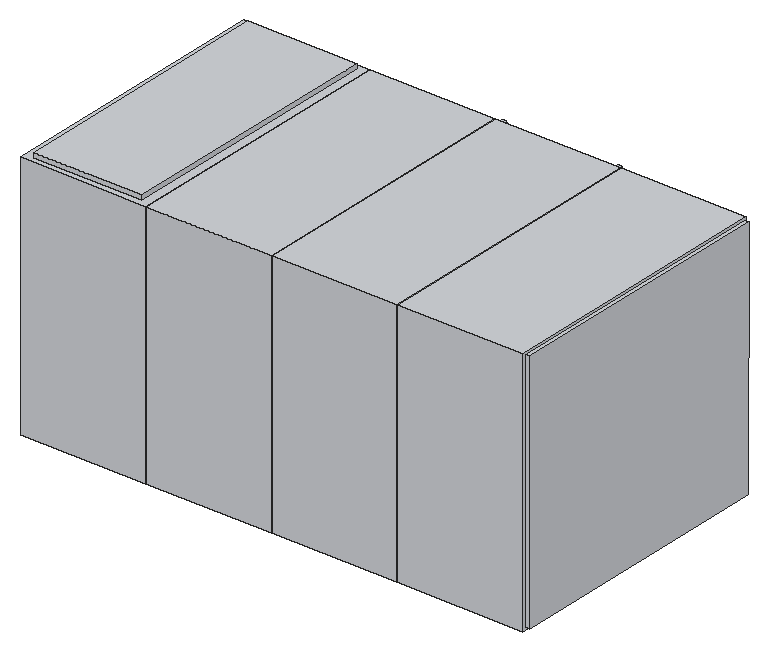
Revit family "M_Outdoor AHU - Horizontal", category Mechanical Equipment, Revit 2023
Family settings
  Round Connector Dimension = Use Radius
  Part Type = Normal
  Work Plane-Based = No
  Always vertical = Yes
  Cut with Voids When Loaded = No
  Maintain Annotation Orientation = No
  Shared = No
  Room Calculation Point = No
Parameters (values of type "5.7 Square Meters of Coil")
  Voltage = 208 V
  Hot Water Pressure Drop [instance] = 74649.5 Pa
  External Total Pressure [instance] = 719.15 Pa
  Supply Air Outlet Width = 2900 mm
  Supply Air Outlet Height = 2600 mm
  Supply Air Outlet Flow [instance] = 14394.4 L/s
  Supply Air Inlet Width = 2850 mm
  Supply Air Inlet Height = 1150 mm
  Supply Air Inlet Flow [instance] = 9438.95 L/s
  Return Air Inlet Width = 2850 mm
  Return Air Inlet Height = 1150 mm
  Return Air Inlet Flow [instance] = 4955.45 L/s
  Number of Poles = 3
  Hot Water Flow [instance] = 11.29 L/s
  Heating Coil Outlet Radius = 32 mm
  Heating Coil Inlet Radius = 32 mm
  Drain Radius = 15 mm
  Default Elevation = 0 mm
  Cooling Coil Outlet Radius = 32.5 mm
  Cooling Coil Inlet Radius = 32.5 mm
  Chilled Water Pressure Drop [instance] = 57233.4 Pa
  Chilled Water Flow [instance] = 17.98 L/s
  Apparent Load = 47007 VA
  Airway Length = 5334 mm
  AHU Width = 2971.8 mm
  AHU Material = none
  AHU Height = 2641.6 mm
Reference planes
  plane 1 "Center (Front/Back)": y = 0
  plane 2: z = 0
  plane 3 "Center (Left/Right)": x = 0
  plane 4: y = 1485.9
  plane 5: y = -1485.9
  plane 6: x = 5334
  plane 7: x = 1333.5
  plane 8: x = 2667
  plane 9: x = 4000.5
  plane 10: z = 2641.6
  plane 11: x = 666.75
  plane 12: x = 91.75
  plane 13: x = 1241.75
  plane 14: y = 1425
  plane 15: y = -1425
  plane 16: z = 2692.4
  plane 17: z = 25.4
  plane 18: z = 1175.4
  plane 19: x = -50.8
  plane 20: z = 2625.4
  plane 21: y = 1450
  plane 22: y = -1450
  plane 23: x = 5384.8
  plane 24: z = 2590.8
  plane 25: z = 254
  plane 26: x = 3949.7
  plane 27: x = 2717.8
  plane 28: x = 5283.2
  plane 29: y = 1536.7
  plane 30: z = 50.8
Forms (mm)
  Extrusion 1, solid, material <- "AHU Material"
    sketch origin (0, 0, 0) x (1, 0, 0) y (0, 1, 0)
      loop
        line (0, 1485.9) -> (0, -1485.9) -> (1333.5, -1485.9) -> (1333.5, 1485.9) -> (0, 1485.9)
    from 0 to 2641.6
  Extrusion 2, solid, material <- "AHU Material"
    sketch origin (0, 0, 0) x (1, 0, 0) y (0, 1, 0)
      loop
        line (1333.5, 1485.9) -> (1333.5, -1485.9) -> (2667, -1485.9) -> (2667, 1485.9) -> (1333.5, 1485.9)
    from 0 to 2641.6
  Extrusion 3, solid, material <- "AHU Material"
    sketch origin (0, 0, 0) x (1, 0, 0) y (0, 1, 0)
      loop
        line (2667, 1485.9) -> (2667, -1485.9) -> (4000.5, -1485.9) -> (4000.5, 1485.9) -> (2667, 1485.9)
    from 0 to 2641.6
  Extrusion 4, solid, material <- "AHU Material"
    sketch origin (0, 0, 0) x (1, 0, 0) y (0, 1, 0)
      loop
        line (4000.5, 1485.9) -> (4000.5, -1485.9) -> (5334, -1485.9) -> (5334, 1485.9) -> (4000.5, 1485.9)
    from 0 to 2641.6
  Extrusion 5, solid, material <- "AHU Material"
    sketch origin (0, 0, 0) x (1, 0, 0) y (0, 1, 0)
      loop
        line (91.75, 1425) -> (91.75, -1425) -> (1241.75, -1425) -> (1241.75, 1425) -> (91.75, 1425)
    from 2641.6 to 2692.4
  Extrusion 6, solid, material <- "AHU Material"
    sketch origin (0, 0, 0) x (0, 1, 0) y (0, 0, 1)
      loop
        line (1425, 1175.4) -> (-1425, 1175.4) -> (-1425, 25.4) -> (1425, 25.4) -> (1425, 1175.4)
    from -50.8 to 0
  Extrusion 7, solid, material <- "AHU Material"
    sketch origin (0, 0, 0) x (0, 1, 0) y (0, 0, 1)
      loop
        line (1450, 2625.4) -> (-1450, 2625.4) -> (-1450, 25.4) -> (1450, 25.4) -> (1450, 2625.4)
    from 5334 to 5384.8
  Extrusion 8, solid, material <- "AHU Material"
    sketch origin (0, 0, 0) x (1, 0, 0) y (0, 0, 1)
      loop
        circle (5283.2, 254) r 6.35
      loop
        circle (3949.7, 254) r 32.5
      loop
        circle (2717.8, 254) r 32
      loop
        circle (2717.8, 2590.8) r 32
      loop
        circle (3949.7, 2590.8) r 32.5
    from -1485.9 to -1536.7
  Extrusion 9, solid
    sketch origin (0, 0, 0) x (1, 0, 0) y (0, 0, 1)
      loop
        circle (3949.7, 50.8) r 15
    from -1536.7 to -1485.9
Dimensions and locks
  equal spacing: plane 4, plane 1 "Center (Front/Back)", plane 5
  "AHU Width": plane 4 to plane 5
  "Airway Length": plane 3 "Center (Left/Right)" to plane 6
  equal spacing: plane 3 "Center (Left/Right)", plane 7, plane 8, plane 9, plane 6
  "AHU Height": plane 10 to plane 2
  equal spacing: plane 3 "Center (Left/Right)", plane 11, plane 7
  "Supply Air Inlet Height": plane 12 to plane 13
  equal spacing: plane 12, plane 11, plane 13
  equal spacing: plane 14, plane 1 "Center (Front/Back)", plane 15
  "Return Air Inlet Width": plane 14 to plane 15
  locked: plane 16 to plane 10 at 50.8
  locked: plane 17 to plane 2 at 25.4
  "Supply Air Inlet Height": plane 18 to plane 17
  locked: plane 19 to plane 3 "Center (Left/Right)" at 50.8
  "Supply Air Outlet Height": plane 20 to plane 17
  equal spacing: plane 21, plane 1 "Center (Front/Back)", plane 22
  "Supply Air Outlet Width": plane 21 to plane 22
  locked: plane 6 to plane 23 at 50.8
  locked: plane 24 to plane 10 at 50.8
  locked: plane 2 to plane 25 at 254
  locked: plane 8 to plane 27 at 50.8
  locked: plane 26 to plane 9 at 50.8
  locked: plane 28 to plane 6 at 50.8
  locked: plane 29 to plane 4 at 50.8
  locked: plane 2 to plane 30 at 50.8
  radius of Extrusion 8 sketch curve = 6.35 mm
  "Cooling Coil Inlet Radius": radius of Extrusion 8 sketch curve
  "Cooling Coil Outlet Radius": radius of Extrusion 8 sketch curve
  "Heating Coil Outlet Radius": radius of Extrusion 8 sketch curve
  "Heating Coil Inlet Radius": radius of Extrusion 8 sketch curve
  "Drain Radius": radius of Extrusion 9 sketch curve
  aligned and locked: plane 3 "Center (Left/Right)" to Extrusion 1 sketch curve
  aligned and locked: Extrusion 1 sketch curve to plane 4
  aligned and locked: plane 5 to Extrusion 1 sketch curve
  aligned and locked: Extrusion 1 sketch curve to plane 7
  aligned and locked: plane 4 to Extrusion 2
  aligned and locked: Extrusion 2 to plane 8
  aligned and locked: Extrusion 2 to plane 5
  aligned and locked: Extrusion 2 to plane 7
  aligned and locked: Extrusion 3 sketch curve to plane 4
  aligned and locked: Extrusion 3 sketch curve to plane 8
  aligned and locked: plane 5 to Extrusion 3 sketch curve
  aligned and locked: Extrusion 3 sketch curve to plane 9
  aligned and locked: Extrusion 4 sketch curve to plane 4
  aligned and locked: Extrusion 4 sketch curve to plane 9
  aligned and locked: Extrusion 4 sketch curve to plane 5
  aligned and locked: Extrusion 4 sketch curve to plane 6
  aligned and locked: Extrusion 4 to plane 2
  aligned and locked: Extrusion 3 to plane 2
  aligned and locked: Extrusion 2 to plane 2
  aligned and locked: Extrusion 1 to plane 2
  aligned and locked: Extrusion 4 to plane 10
  aligned and locked: plane 10 to Extrusion 3
  aligned and locked: plane 10 to Extrusion 2
  aligned and locked: plane 10 to Extrusion 1
  aligned and locked: plane 12 to Extrusion 5 sketch curve
  aligned and locked: Extrusion 5 sketch curve to plane 14
  aligned and locked: plane 15 to Extrusion 5 sketch curve
  aligned and locked: Extrusion 5 sketch curve to plane 13
  aligned and locked: Extrusion 5 to plane 16
  aligned and locked: Extrusion 5 to plane 10
  aligned and locked: plane 14 to Extrusion 6 sketch curve
  aligned and locked: Extrusion 6 sketch curve to plane 18
  aligned and locked: plane 17 to Extrusion 6 sketch curve
  aligned and locked: Extrusion 6 sketch curve to plane 15
  aligned and locked: plane 3 "Center (Left/Right)" to Extrusion 6
  aligned and locked: Extrusion 6 to plane 19
  aligned and locked: plane 21 to Extrusion 7 sketch curve
  aligned and locked: Extrusion 7 sketch curve to plane 22
  aligned and locked: Extrusion 7 sketch curve to plane 20
  aligned and locked: Extrusion 7 sketch curve to plane 17
  aligned and locked: Extrusion 7 to plane 6
  aligned and locked: Extrusion 7 to plane 23
  aligned and locked: plane 24 to Extrusion 8 sketch curve  (x2)
  aligned and locked: plane 26 to Extrusion 8 sketch curve  (x2)
  aligned and locked: plane 25 to Extrusion 8 sketch curve  (x3)
  aligned and locked: plane 27 to Extrusion 8 sketch curve  (x2)
  aligned and locked: plane 28 to Extrusion 8 sketch curve
  aligned and locked: plane 4 to Extrusion 8
  aligned and locked: Extrusion 8 to plane 29
  aligned and locked: plane 30 to Extrusion 9 sketch curve
  aligned and locked: plane 26 to Extrusion 9 sketch curve
  aligned and locked: Extrusion 8 to Extrusion 9
  aligned and locked: Extrusion 9 to plane 4
Automatic sketch dimensions
  plane 7 to Extrusion 2 sketch curve = 0 mm
  Extrusion 2 sketch curve to plane 8 = 0 mm
  plane 5 to Extrusion 2 sketch curve = 0 mm
  Extrusion 2 sketch curve to plane 4 = 0 mm
Connectors
  hvac at (-50.8, 0, 600.4), driven by "Supply Air Inlet Flow", driven by "Supply Air Inlet Height", driven by "Supply Air Inlet Width"
    settings: on Extrusion 6, index 1, duct flow 9438.95 L/s, flow factor 0, pres drop 0.0 Pa, loss coef 0, conn angle 0.00°, conn width 2850 mm, conn height 1150 mm, conn diameter 609.6 mm, duct sys type 1, conn prof type 1, flow config 1, flow direction 1, loss method 0, conn ref index -1, conn util no, is conn primary yes, conn desc ""
  hvac at (666.75, 0, 2692.4), driven by "Return Air Inlet Flow", driven by "Return Air Inlet Width", driven by "Return Air Inlet Height"
    settings: on Extrusion 5, index 2, duct flow 4955.45 L/s, flow factor 0, pres drop 0.0 Pa, loss coef 0, conn angle 0.00°, conn width 1150 mm, conn height 2850 mm, conn diameter 609.6 mm, duct sys type 2, conn prof type 1, flow config 0, flow direction 1, loss method 0, conn ref index -1, conn util no, is conn primary no, conn desc ""
  hvac at (5384.8, 0, 1325.4), driven by "Supply Air Outlet Flow", driven by "Supply Air Outlet Height", driven by "Supply Air Outlet Width"
    settings: on Extrusion 7, index 3, duct flow 14394.4 L/s, flow factor 0, pres drop 0.0 Pa, loss coef 0, conn angle 0.00°, conn width 2900 mm, conn height 2600 mm, conn diameter 609.6 mm, duct sys type 1, conn prof type 1, flow config 0, flow direction 2, loss method 0, conn ref index -1, conn util no, is conn primary no, conn desc ""
  piping at (3949.7, 1536.7, 2590.8), diameter 65, driven by "Chilled Water Flow", driven by "Cooling Coil Outlet Radius", driven by "Chilled Water Pressure Drop"
    settings: on Extrusion 8, index 4, connector inside diameter 30 mm, connector length 0 mm, flow factor 0, pipe flow 17.98 L/s, pressure drop 57233.4 Pa, fitting loss kfactor 0, connector angle 0.00°, fixture units 0, engagement length 0 mm, angle of deflection 0.00°, flow configuration 1, flow direction 2, fitting loss method 4, system type 8, joint type 0, gender type 0, connector reference index 6, connector utility 0, adjustable connector no, is connector primary yes, connector description "Chilled Water/ Refrigeration Outlet"
  piping at (2717.8, 1536.7, 2590.8), diameter 64, driven by "Hot Water Flow", driven by "Heating Coil Outlet Radius", driven by "Hot Water Pressure Drop"
    settings: on Extrusion 8, index 5, connector inside diameter 40 mm, connector length 0 mm, flow factor 0, pipe flow 11.29 L/s, pressure drop 74649.5 Pa, fitting loss kfactor 0, connector angle 0.00°, fixture units 0, engagement length 0 mm, angle of deflection 0.00°, flow configuration 1, flow direction 2, fitting loss method 4, system type 8, joint type 0, gender type 0, connector reference index 7, connector utility 0, adjustable connector no, is connector primary no, connector description "Hot Water/Steam Outlet"
  piping at (3949.7, 1536.7, 254), diameter 65, driven by "Chilled Water Flow", driven by "Cooling Coil Inlet Radius"
    settings: on Extrusion 8, index 6, connector inside diameter 40 mm, connector length 0 mm, flow factor 0, pipe flow 17.98 L/s, pressure drop 0.0 Pa, fitting loss kfactor 0, connector angle 0.00°, fixture units 0, engagement length 0 mm, angle of deflection 0.00°, flow configuration 1, flow direction 1, fitting loss method 0, system type 7, joint type 0, gender type 0, connector reference index 4, connector utility 0, adjustable connector no, is connector primary no, connector description "Chilled Water/ Refrigeration Inlet"
  piping at (2717.8, 1536.7, 254), diameter 64, driven by "Hot Water Flow", driven by "Heating Coil Inlet Radius"
    settings: on Extrusion 8, index 7, connector inside diameter 40 mm, connector length 0 mm, flow factor 0, pipe flow 11.29 L/s, pressure drop 0.0 Pa, fitting loss kfactor 0, connector angle 0.00°, fixture units 0, engagement length 0 mm, angle of deflection 0.00°, flow configuration 1, flow direction 1, fitting loss method 0, system type 7, joint type 0, gender type 0, connector reference index 5, connector utility 0, adjustable connector no, is connector primary no, connector description "Hot Water/Steam Inlet"
  electrical at (5283.2, 1536.7, 254), driven by "Apparent Load", driven by "Voltage", driven by "Number of Poles"
    settings: on Extrusion 8, index 8, voltage 208 V, apparent load 47007 VA, apparent load phase1 0 VA, apparent load phase2 0 VA, apparent load phase3 0 VA, power factor 0.8, load classification "HVAC", number of poles 3, system type 30, power factor state 1, is connector primary yes, connector utility no, sub classification motor no, connector description ""
  piping at (3949.7, 1536.7, 50.8), diameter 30, driven by "Drain Radius"
    settings: on Extrusion 9, index 9, connector inside diameter 30 mm, connector length 0 mm, flow factor 0, pipe flow 0.0 L/s, pressure drop 0.0 Pa, fitting loss kfactor 0, connector angle 0.00°, fixture units 0, engagement length 0 mm, angle of deflection 0.00°, flow configuration 1, flow direction 2, fitting loss method 0, system type 16, joint type 0, gender type 0, connector reference index -1, connector utility 0, adjustable connector yes, is connector primary no, connector description ""
